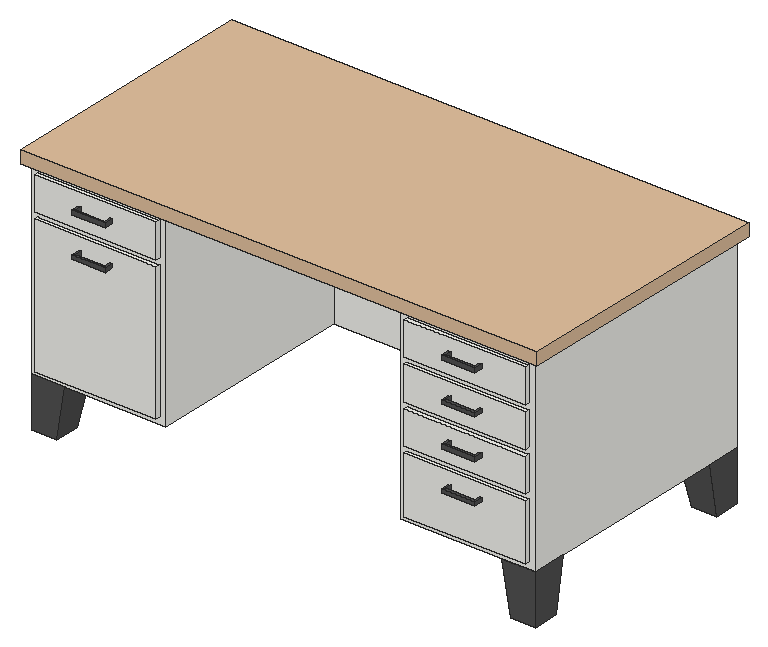
Revit family
Parameters (values of type "1525 x 762mm")
  Assembly Code = ""
  Depth = 762 mm
  Body Material = Laminate - Ivory, Matte
  Handle/Leg Material = Metal - Chrome
  Top Material = Wood - Cherry
  Height = 762 mm
  Leg Height = 152 mm
  Width = 1525 mm
Types (3, lengths in mm): name | Depth | Width
  1525 x 762mm | 762 | 1525
  1830 x 915mm | 915 | 1830
  1525 x 762mm Student | 762 | 1525
Reference planes
  plane 1: z = 0
  plane 2: z = 723.9
  plane 3: z = 152
  plane 4: z = 762
  plane 5 "Center (Left/Right)": x = 762
  plane 6 "Center (Front/Back)": y = 381
  plane 7 "Drawer Edge": y = -12.7
  plane 8: x = 202.7
  plane 9: x = 1321.3
  plane 10: z = 304.8
  plane 11: z = 425.45
  plane 12: z = 546.1
  plane 13: z = 666.75
  plane 14: z = 546.1
  plane 15: z = 666.75
  plane 16 "Top": y = 762
  plane 17 "Right": x = 1524.5
  plane 18 "Left": x = -0.5
  plane 19 "Bottom": y = 0
Forms (mm)
  Extrusion 1, solid, material "Laminate - Ivory, Matte" <- "Body Material"
    sketch origin (1524, 762, 0) x (-1, 0, 0) y (0, -1, 0)
      loop
        line (-0.5, 762) -> (-0.5, 0) -> (1524.5, 0) -> (1524.5, 762) -> (1118.1, 762) -> (1118.1, 127) -> (405.9, 127) -> (405.9, 762) -> (-0.5, 762)
    from 152 to 723.9
  Extrusion 2, solid, material "Wood - Cherry" <- "Top Material"
    sketch origin (1524, 762, 0) x (-1, 0, 0) y (0, -1, 0)
      loop
        line (-19.55, 781.05) -> (-19.55, -19.05) -> (1543.55, -19.05) -> (1543.55, 781.05) -> (-19.55, 781.05)
    from 723.9 to 762
  Blend 3, solid, material "Metal - Chrome" <- "Handle/Leg Material"
    base sketch origin (1524, 762, 0) x (-1, 0, 0) y (0, -1, 0)
      loop
        line (-0.5, 762) -> (-0.5, 685.8) -> (75.7, 685.8) -> (75.7, 762) -> (-0.5, 762)
    top sketch origin (1524, 762, 0) x (-1, 0, 0) y (0, -1, 0)
      loop
        line (-0.5, 762) -> (-0.5, 660.4) -> (101.1, 660.4) -> (101.1, 762) -> (-0.5, 762)
    from 0 to 152
  Blend 4, solid, material "Metal - Chrome" <- "Handle/Leg Material"
    base sketch origin (1524, 838.2, 0) x (-1, 0, 0) y (0, -1, 0)
      loop
        line (-0.5, 76.2) -> (75.7, 76.2) -> (75.7, 152.4) -> (-0.5, 152.4) -> (-0.5, 76.2)
    top sketch origin (1524, 838.2, 0) x (-1, 0, 0) y (0, -1, 0)
      loop
        line (-0.5, 76.2) -> (101.1, 76.2) -> (101.1, 177.8) -> (-0.5, 177.8) -> (-0.5, 76.2)
    from 0 to 152
  Blend 5, solid, material "Metal - Chrome" <- "Handle/Leg Material"
    base sketch origin (1524, 838.2, 0) x (-1, 0, 0) y (0, -1, 0)
      loop
        line (1524.5, 76.2) -> (1524.5, 152.4) -> (1448.3, 152.4) -> (1448.3, 76.2) -> (1524.5, 76.2)
    top sketch origin (1524, 838.2, 0) x (-1, 0, 0) y (0, -1, 0)
      loop
        line (1524.5, 76.2) -> (1524.5, 177.8) -> (1422.9, 177.8) -> (1422.9, 76.2) -> (1524.5, 76.2)
    from 0 to 152
  Blend 6, solid, material "Metal - Chrome" <- "Handle/Leg Material"
    base sketch origin (1524, 762, 0) x (-1, 0, 0) y (0, -1, 0)
      loop
        line (1524.5, 762) -> (1448.3, 762) -> (1448.3, 685.8) -> (1524.5, 685.8) -> (1524.5, 762)
    top sketch origin (1524, 762, 0) x (-1, 0, 0) y (0, -1, 0)
      loop
        line (1524.5, 762) -> (1422.9, 762) -> (1422.9, 660.4) -> (1524.5, 660.4) -> (1524.5, 762)
    from 0 to 152
  Extrusion 7, solid, material "Laminate - Ivory, Matte" <- "Body Material"
    sketch origin (0, 0, 0) x (-1, 0, 0) y (0, 0, 1)
      loop
        line (-1505.45, 704.85) -> (-1505.45, 602.85) -> (-1137.15, 602.85) -> (-1137.15, 704.85) -> (-1505.45, 704.85)
      loop
        line (-1505.45, 171.05) -> (-1137.15, 171.05) -> (-1137.15, 342.5) -> (-1505.45, 342.5) -> (-1505.45, 171.05)
      loop
        line (-1137.15, 583.8) -> (-1505.45, 583.8) -> (-1505.45, 482.2) -> (-1137.15, 482.2) -> (-1137.15, 583.8)
      loop
        line (-1137.15, 463.15) -> (-1505.45, 463.15) -> (-1505.45, 361.55) -> (-1137.15, 361.55) -> (-1137.15, 463.15)
    from -12.7 to 0
  Extrusion 8, solid, material "Laminate - Ivory, Matte" <- "Body Material"
    sketch origin (-304.8, -152.4, 0) x (1, 0, 0) y (0, 0, -1)
      loop
        line (323.35, -704.85) -> (691.65, -704.85) -> (691.65, -603.25) -> (323.35, -603.25) -> (323.35, -704.85)
      loop
        line (323.35, -171.05) -> (323.35, -584.2) -> (691.65, -584.2) -> (691.65, -171.05) -> (323.35, -171.05)
    from 139.7 to 152.4
  Sweep 9, solid, material "Metal - Chrome" <- "Handle/Leg Material"
    path origin (1524, 762, 0) x (-1, 0, 0) y (0, -1, 0)
      loop
        line (151.9, 774.7) -> (151.9, 800.1) -> (253.5, 800.1) -> (253.5, 774.7)
    profile origin (0, -25.4, 0) x (1, 0, 0) y (0, 0, 1)
      loop
        line (1372.1, 304.8) -> (1365.75, 304.8) -> (1365.75, 292.1) -> (1372.1, 292.1) -> (1372.1, 304.8)
      loop
        line (1372.1, 425.45) -> (1365.75, 425.45) -> (1365.75, 412.75) -> (1372.1, 412.75) -> (1372.1, 425.45)
      loop
        line (1372.1, 546.1) -> (1365.75, 546.1) -> (1365.75, 533.4) -> (1372.1, 533.4) -> (1372.1, 546.1)
      loop
        line (1372.1, 666.75) -> (1365.75, 666.75) -> (1365.75, 654.05) -> (1372.1, 654.05) -> (1372.1, 666.75)
  Sweep 10, solid, material "Metal - Chrome" <- "Handle/Leg Material"
    path origin (1524, 762, 0) x (-1, 0, 0) y (0, -1, 0)
      loop
        line (1372.1, 774.7) -> (1372.1, 800.1) -> (1270.5, 800.1) -> (1270.5, 774.7)
    profile origin (0, -25.4, 0) x (1, 0, 0) y (0, 0, 1)
      loop
        line (151.9, 546.1) -> (151.9, 533.4) -> (158.25, 533.4) -> (158.25, 546.1) -> (151.9, 546.1)
      loop
        line (151.9, 666.75) -> (151.9, 654.05) -> (158.25, 654.05) -> (158.25, 666.75) -> (151.9, 666.75)
Lines and regions (mm)
  Masking region 1
    outline origin (1524, 762, 0) x (-1, 0, 0) y (0, -1, 0)
      loop
        line (-0.5, 762) -> (-0.5, 0) -> (1524.5, 0) -> (1524.5, 762) -> (-0.5, 762)
Dimensions and locks
  "Height": plane 1 to plane 4
  plane 3 to plane 1 = 152 mm
  plane 2 to plane 4 = 38.1 mm
  locked: plane 2 to plane 4 at 38.1
  "Leg Height": plane 3 to plane 1
  Extrusion 1 to Extrusion 7 sketch curve = 19.05 mm
  plane 3 to Extrusion 7 sketch curve = 19.05 mm
  Extrusion 7 sketch curve to plane 2 = 19.05 mm
  plane 13 to Extrusion 7 = 38.1 mm
  plane 12 to Extrusion 7 = 37.7 mm
  plane 11 to Extrusion 7 = 37.7 mm
  plane 10 to Extrusion 7 = 37.7 mm
  plane 15 to Extrusion 8 = 38.1 mm
  plane 14 to Extrusion 8 = 38.1 mm
  locked: plane 9 to plane 17 "Right" at 203.2
  locked: plane 19 "Bottom" to plane 7 "Drawer Edge" at 12.7
  equal spacing: plane 18 "Left", plane 5 "Center (Left/Right)", plane 17 "Right"
  "Width": plane 18 "Left" to plane 17 "Right"
  equal spacing: plane 16 "Top", plane 6 "Center (Front/Back)", plane 19 "Bottom"
  "Depth": plane 16 "Top" to plane 19 "Bottom"
  locked: Extrusion 2 sketch curve to plane 18 "Left" at 19.05
  locked: Extrusion 2 sketch curve to plane 16 "Top" at 19.05
  locked: plane 17 "Right" to Extrusion 2 sketch curve at 19.05
  locked: plane 19 "Bottom" to Extrusion 2 sketch curve at 19.05
  locked: plane 18 "Left" to plane 8 at 203.2
  locked: plane 18 "Left" to Blend 5 sketch curve at 76.2
  locked: plane 16 "Top" to Blend 5 sketch curve at 76.2
  locked: plane 16 "Top" to Blend 4 sketch curve at 76.2
  locked: Blend 4 sketch curve to plane 17 "Right" at 76.2
  locked: plane 16 "Top" to Blend 5 sketch curve at 101.6
  locked: plane 18 "Left" to Blend 5 sketch curve at 101.6
  locked: Blend 4 sketch curve to plane 17 "Right" at 101.6
  locked: plane 16 "Top" to Blend 4 sketch curve at 101.6
  aligned and locked: Extrusion 1 to plane 2
  aligned and locked: plane 2 to Extrusion 2
  aligned and locked: Extrusion 2 to plane 4
  aligned and locked: plane 3 to Extrusion 1
  aligned and locked: Blend 4 to plane 3
  aligned and locked: Blend 5 to plane 3
  aligned and locked: Blend 3 to plane 3
  aligned and locked: Blend 6 to plane 3
  aligned and locked: Extrusion 7 to plane 7 "Drawer Edge"
  aligned and locked: Extrusion 8 to plane 7 "Drawer Edge"
  aligned and locked: Extrusion 1 sketch curve to plane 16 "Top"
  aligned and locked: plane 18 "Left" to Extrusion 1 sketch curve
  aligned and locked: Masking region 1 sketch curve to plane 16 "Top"
  aligned and locked: plane 18 "Left" to Masking region 1 sketch curve
  aligned and locked: plane 19 "Bottom" to Extrusion 8
  aligned and locked: Extrusion 1 to plane 19 "Bottom"
  aligned and locked: plane 19 "Bottom" to Extrusion 1 sketch curve
  aligned and locked: plane 19 "Bottom" to Extrusion 7
  aligned and locked: Blend 5 sketch curve to plane 18 "Left"
  aligned and locked: Blend 5 sketch curve to plane 16 "Top"
  aligned and locked: Blend 4 sketch curve to plane 17 "Right"
  aligned and locked: plane 16 "Top" to Blend 4 sketch curve
Automatic sketch dimensions
  Blend 3 sketch curve to Blend 3 sketch curve = 76.2 mm
  Blend 3 sketch curve to Blend 3 sketch curve = 101.6 mm
  Blend 4 sketch curve to Blend 4 sketch curve = 101.6 mm  (x2)
  Blend 6 sketch curve to Blend 6 sketch curve = 76.2 mm  (x2)
  Blend 6 sketch curve to Blend 6 sketch curve = 101.6 mm  (x2)
  plane 9 to Extrusion 7 sketch curve = 184.15 mm
  Extrusion 7 sketch curve to Extrusion 7 sketch curve = 0 mm  (x5)
  Extrusion 7 sketch curve to Extrusion 7 sketch curve = 171.45 mm
  Extrusion 7 sketch curve to Extrusion 7 sketch curve = 19.05 mm  (x3)
  Extrusion 7 sketch curve to Extrusion 7 sketch curve = 101.6 mm  (x2)
  plane 2 to Extrusion 8 sketch curve = 19.05 mm
  plane 8 to Extrusion 8 sketch curve = 184.15 mm
  Extrusion 8 sketch curve to Extrusion 8 sketch curve = 0 mm
  Extrusion 8 sketch curve to Extrusion 8 sketch curve = 101.6 mm
  Extrusion 8 sketch curve to Extrusion 8 sketch curve = 19.05 mm
  Extrusion 8 sketch curve to plane 3 = 19.05 mm
  Sweep 9 sketch curve to plane 7 "Drawer Edge" = 0 mm  (x2)
  plane 7 "Drawer Edge" to Sweep 9 sketch curve = 25.4 mm
  Sweep 9 sketch curve to plane 9 = 50.8 mm
  plane 9 to Sweep 9 sketch curve = 50.8 mm
  Sweep 9 sketch curve to plane 10 = 0 mm
  Sweep 9 sketch curve to plane 13 = 0 mm
  Sweep 9 sketch curve to plane 12 = 0 mm
  Sweep 9 sketch curve to plane 11 = 0 mm
  Sweep 9 sketch curve to profile plane = 0 mm  (x4)
  Sweep 9 sketch curve to Sweep 9 sketch curve = 6.35 mm  (x4)
  plane 10 to Sweep 9 sketch curve = 12.7 mm
  plane 11 to Sweep 9 sketch curve = 12.7 mm
  plane 12 to Sweep 9 sketch curve = 12.7 mm
  plane 13 to Sweep 9 sketch curve = 12.7 mm
  Sweep 10 sketch curve to plane 7 "Drawer Edge" = 0 mm  (x2)
  plane 7 "Drawer Edge" to Sweep 10 sketch curve = 25.4 mm
  plane 8 to Sweep 10 sketch curve = 50.8 mm
  Sweep 10 sketch curve to plane 8 = 50.8 mm
  Sweep 10 sketch curve to profile plane = 0 mm  (x2)
  Sweep 10 sketch curve to plane 15 = 0 mm
  Sweep 10 sketch curve to plane 14 = 0 mm
  Sweep 10 sketch curve to Sweep 10 sketch curve = 6.35 mm  (x2)
  plane 14 to Sweep 10 sketch curve = 12.7 mm
  plane 15 to Sweep 10 sketch curve = 12.7 mm
  Blend 3 sketch curve to plane 9 = 203.2 mm  (x2)
  Extrusion 7 sketch curve to plane 9 = 184.15 mm
  Blend 5 sketch curve to Blend 5 sketch curve = 101.6 mm  (x2)
  Blend 6 sketch curve to plane 8 = 127 mm
  Blend 6 sketch curve to plane 8 = 101.6 mm
  Extrusion 8 sketch curve to plane 8 = 184.15 mm  (x2)
  Blend 3 sketch curve to plane 7 "Drawer Edge" = 88.9 mm
  Blend 3 sketch curve to plane 7 "Drawer Edge" = 12.7 mm  (x2)
  Blend 3 sketch curve to plane 7 "Drawer Edge" = 114.3 mm
  Blend 6 sketch curve to plane 7 "Drawer Edge" = 88.9 mm
  Blend 6 sketch curve to plane 7 "Drawer Edge" = 114.3 mm
  Masking region 1 sketch curve to plane 17 "Right" = 0 mm
  Masking region 1 sketch curve to plane 19 "Bottom" = 0 mm
  Extrusion 1 sketch curve to plane 17 "Right" = 0 mm
  Extrusion 1 sketch curve to plane 19 "Bottom" = 0 mm
  plane 9 to Extrusion 1 sketch curve = 203.2 mm
  plane 8 to Extrusion 1 sketch curve = 203.2 mm
  Extrusion 1 sketch curve to plane 16 "Top" = 127 mm
